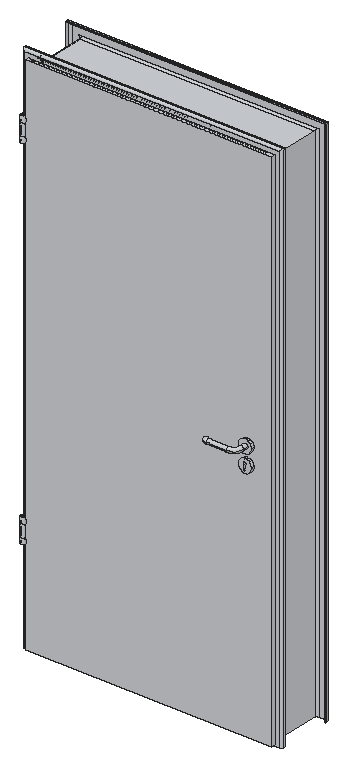
Revit family "BOS-Rundspiegelzarge-1r15ZBud_Familie", category Türen, Revit 2017
Family settings
  Basisbauteil = Wand
  Immer vertikal = Ja
  Beim Laden mit Abzugskörper schneiden = Nein
  Gemeinsam genutzt = Nein
  Raumberechnungspunkt = Ja
Parameters (values of type "1r15ZBud")
  Öffnungswinkel [instance] = if(Öffnungswinkel   Aperture < Öffnungswinkel min., Öffnungswinkel min., if(Öffnungswinkel   Aperture > Öffnungswinkel max., Öffnungswinkel max., Öffnungswinkel   Aperture)) * if(DIN links   DIN Left, 1, -1)  # 0.00°
  Öffnungswinkel min. = 0.00°  # constant formula
  Öffnungswinkel max. = 180.00°  # constant formula
  Öffnungswinkel   Aperture [instance] = 0.00°
  Unterfütterungsstärke [instance] = Einfügepunkt - Blechstärke - Trapezankerstärke  # 5.5 mm
  Unterfütterungsabstand hinten [instance] = if(Gefälzt, 60 mm, 80 mm)  # 60 mm
  Unterfütterung [instance] = Trapezanker  # no
  Türblattaufschlag = 13 mm  # constant formula
  Türblattabstand links-rechts = 3.5 mm  # constant formula
  Trapezankerstärke = 10 mm  # constant formula
  Trapezankerabstand vorne [instance] = 0 mm  # constant formula
  Trapezanker [instance] = or(and(Gefälzt, GT für Ankerberechnung > 319 mm), and(Stumpf, GT für Ankerberechnung > 344 mm))  # no
  Spiegel vorne min. = 35 mm  # constant formula
  Spiegel vorne max. = 80 mm - Falzaufschlag gesamt  # 65 mm
  Spiegel hinten min. [instance] = Spiegel vorne + Falzaufschlag gesamt  # 50 mm
  Spiegel hinten max. [instance] = Spiegel vorne + Falzaufschlag gesamt  # 50 mm
  Sickentiefe = 10 mm  # constant formula
  Radius Putzwinkel vorne [instance] = 10 mm  # constant formula
  Radius Putzwinkel hinten [instance] = 10 mm  # constant formula
  Radius Leibung [instance] = 10 mm  # constant formula
  Radius   Radius [instance] = 10 mm  # constant formula
  Radius [instance] = Radius   Radius  # 10 mm
  Radien gleich [instance] = 1 < 2  # yes
  RRH Rohbau_Richtmaß_Höhe   Structural Wall Opening Height Measurement [instance] = FMH Falzmaß Höhe + Einfügepunkt  # 2125 mm
  RRB Rohbau_Richtmaß_Breite   Structural Wall Opening Width Measurement [instance] = FMB Falzmaß Breite + (2 * Einfügepunkt)  # 1000 mm
  Putzwinkel min. = 10 mm  # constant formula
  Putzwinkel max. = 28 mm  # constant formula
  Nivellierankerabstand vorne [instance] = Türblattstärke 1 + Türblattstärke 2 - 40 mm  # 0 mm
  Nivellieranker [instance] = or(and(Gefälzt, GT für Ankerberechnung < 319.5 mm), and(Stumpf, GT für Ankerberechnung < 344.5 mm))  # yes
  Leibungstiefe min. = 27 mm  # constant formula
  GT min. [instance] = MW min. + Putzwinkel vorne + Putzwinkel hinten  # 134 mm
  GT für Ankerberechnung [instance] = GT Gesamttiefe  # 234 mm
  Drehpunktreferenz horizontal = 500 mm  # constant formula
  Türblattversatz vertikal = if(Gefälzt, -3.5 mm, 15.5 mm)  # -3.5 mm
  Türblattversatz  horizontal = if(Gefälzt, 11.5 mm, 6 mm)  # 11.5 mm
  Türblattabstand 3 = 4.5 mm  # constant formula
  Türblattabstand 2 = 4.5 mm  # constant formula
  Türblattabstand 1 = if(Gefälzt, 1.5 mm, -2 mm)  # 1.5 mm
  Wandstärke   Wall Thickness [instance] = 200 mm
  Stumpf = or([1r15ZBsd], [1r15ZBsFd])  # no
  VX Bänder [instance] = 1 < 2  # yes
  Putzwinkel vorne   Backbend Front [instance] = Radius Putzwinkel vorne + 7 mm  # 17 mm
  Putzwinkel hinten   Backbend Back [instance] = Radius Putzwinkel hinten + 7 mm  # 17 mm
  LDH Lichte Durchgangs Höhe   Clearance Height [instance] = FMH Falzmaß Höhe - Falzaufschlag gesamt  # 2093 mm
  LDB Lichte Durchgangs Breite   Clearance Width [instance] = FMB Falzmaß Breite - (2 * Falzaufschlag gesamt)  # 936 mm
  Gefälzt = or([1r15ZBud], [1r15ZBuFd])  # yes
  URL = "www.BestOfSteel.de/stahlzargen/zargen-fuer-drehfluegeltueren/rundspiegelzargen/"
  Türblattstärke 3 = if(Doppelfalz, Falztiefe 2, 0 mm)  # 0 mm
  Türblattstärke 2 = Türblattstärke - Türblattstärke 1 - Türblattstärke 3  # 25.5 mm
  Türblattstärke 1 = if(Gefälzt, 14.5 mm, 0 mm)  # 14.5 mm
  Türblattstärke = if(Einfachfalz, 40 mm, 65 mm)  # 40 mm
  Typenbild = <Keine Auswahl>
  Spiegel vorne   Architrave Front [instance] = 35 mm
  Spiegel vorne [instance] = if(Spiegel vorne   Architrave Front < Spiegel vorne min., Spiegel vorne min., if(Spiegel vorne   Architrave Front > Spiegel vorne max., Spiegel vorne max., Spiegel vorne   Architrave Front))  # 35 mm
  Spiegel hinten   Architrave Back [instance] = Spiegel vorne + Falzaufschlag gesamt  # 50 mm
  Spiegel hinten [instance] = if(Spiegel hinten   Architrave Back < Spiegel hinten min., Spiegel hinten min., if(Spiegel hinten   Architrave Back > Spiegel hinten max., Spiegel hinten max., Spiegel hinten   Architrave Back))  # 50 mm
  Rough Height = 0 mm  # constant formula
  Rough Width = 0 mm  # constant formula
  Rechtliche Hinweise [instance] = "www.BestOfSteel.de/tools-downloads/bim-building-information-modeling/"
  Putzwinkel vorne [instance] = if(Putzwinkel vorne   Backbend Front < Putzwinkel min., Putzwinkel min., if(Putzwinkel vorne   Backbend Front > Putzwinkel max., Putzwinkel max., Putzwinkel vorne   Backbend Front))  # 17 mm
  Putzwinkel hinten [instance] = if(Putzwinkel hinten   Backbend Back < Putzwinkel min., Putzwinkel min., if(Putzwinkel hinten   Backbend Back > Putzwinkel max., Putzwinkel max., Putzwinkel hinten   Backbend Back))  # 17 mm
  MW min. = 100 mm  # constant formula
  MW max. [instance] = GT max. - Putzwinkel vorne - Putzwinkel hinten  # 616 mm
  Information in English = no
  GT max. = 650 mm  # constant formula
  GT Gesamttiefe [instance] = GT Gesamttiefe_Zarge   Total Profile Depth  # 234 mm
  Funktion = Innen
  Falztiefe gesamt = if(Einfachfalz, Falztiefe, Falztiefe + Falztiefe 2)  # 28.5 mm
  Falztiefe 2 = 25 mm  # constant formula
  Falztiefe = Türblattstärke 2 - Türblattabstand 1 + Türblattabstand 2  # 28.5 mm
  Falzaufschlag gesamt = if(Einfachfalz, Falzaufschlag, 2 * Falzaufschlag)  # 15 mm
  FMH min. = 1608 mm  # constant formula
  FMH max. = 2858 mm  # constant formula
  FMH Falzmaß_Höhe   Rebate Height Measurement [instance] = 2108 mm
  FMH Falzmaß Höhe [instance] = if(FMH Falzmaß_Höhe   Rebate Height Measurement < FMH min., FMH min., if(FMH Falzmaß_Höhe   Rebate Height Measurement > FMH max., FMH max., FMH Falzmaß_Höhe   Rebate Height Measurement))  # 2108 mm
  FMB min. = 591 mm  # constant formula
  FMB max. = 1342 mm  # constant formula
  FMB Falzmaß_Breite   Rebate Width Measurement [instance] = 966 mm
  FMB Falzmaß Breite [instance] = if(FMB Falzmaß_Breite   Rebate Width Measurement < FMB min., FMB min., if(FMB Falzmaß_Breite   Rebate Width Measurement > FMB max., FMB max., FMB Falzmaß_Breite   Rebate Width Measurement))  # 966 mm
  Drückerhöhe [instance] = if(Drückerhöhe   Handle Height < 850 mm, 850 mm, if(Drückerhöhe   Handle Height > 1050 mm, 1050 mm, Drückerhöhe   Handle Height))  # 1050 mm
  Drehpunkt Warnung sichtbar = yes
  Drehpunkt Warnung [instance] = and(Drehpunkt Warnung sichtbar, not(Öffnungswinkel = 0.00°))  # no
  Doppelfalz = or([1r15ZBuFd], [1r15ZBsFd])  # no
  Einfachfalz = or([1r15ZBud], [1r15ZBsd])  # yes
  Dichtungsversatz vertikal 2 [instance] = Falztiefe + Sickentiefe - Putzwinkel vorne + Falztiefe 2  # 46.5 mm
  Dichtungsversatz vertikal 1 [instance] = Falztiefe + Sickentiefe - Putzwinkel vorne  # 21.5 mm
  Dichtungsversatz horizontal 2 [instance] = Falzaufschlag  # 15 mm
  Dichtungsversatz horizontal 1 [instance] = 0 mm  # constant formula
  Dichtung 2 = Doppelfalz  # no
  Dichtung 1 = or(Einfachfalz, Doppelfalz)  # yes
  Drehpunktposition vertikal [instance] = (Wandstärke   Wall Thickness / 2) + Putzwinkel vorne + [Drehpunktabstand (SP) vertikal]  # 129.5 mm
  Drehpunktposition horizontal [instance] = Drehpunktreferenz horizontal + Einfügepunkt + if(DIN links   DIN Left, FMB Falzmaß Breite + [Drehpunktabstand (FM) horizontal], -[Drehpunktabstand (FM) horizontal])  # 1504 mm
  Drehpunktabstand (FM) horizontal = if(Gefälzt, 21 mm, 2.5 mm)  # 21 mm
  Drehpunktabstand (SP) vertikal = if(Gefälzt, 12.5 mm, 13.5 mm)  # 12.5 mm
  Bänder - Auswahl [instance] = if(Gefälzt, "3D Bänder gefälzt, Bandaufnahmen BVX11000", "3D Bänder stumpf, Bandaufnahmen BVX11000")  # "3D Bänder gefälzt, Bandaufnahmen BVX11000"
  Blechstärke = 1.5 mm  # constant formula
  BE max. = 100 mm  # constant formula
  BE Bodeneinstand [instance] = if(BE Bodeneinstand   Foundation Bedding < 0 mm, 0 mm, if(BE Bodeneinstand   Foundation Bedding > BE max., BE max., BE Bodeneinstand   Foundation Bedding))  # 0 mm
  1r15ZBsFd = no
  1r15ZBuFd = no
  Modell = "1r15ZBud"
  Material - Zarge = none
  Material - Türblatt = none
  Material - Drückergarnitur = none
  Material - Dichtung = none
  Material - Bänder = none
  Material = "grundiert, feuerverzinktes Feinblech nach DIN EN 10143"
  MW Maulweite   Receiving Opening [instance] = if(Wandstärke   Wall Thickness < MW min., MW min., if(Wandstärke   Wall Thickness > MW max., MW max., Wandstärke   Wall Thickness))  # 200 mm
  Height [instance] = RRH Rohbau_Richtmaß_Höhe   Structural Wall Opening Height Measurement  # 2125 mm
  Hersteller = "BOS GmbH Best Of Steel, Lütkenfelde 4, D-48282 Emsdetten"
  GT Gesamttiefe_Zarge   Total Profile Depth [instance] = MW Maulweite   Receiving Opening + Putzwinkel vorne + Putzwinkel hinten  # 234 mm
  MW Fehler [instance] = or(Wandstärke   Wall Thickness < MW min., Wandstärke   Wall Thickness > MW max.)  # no
  Einfügepunkt [instance] = 17 mm  # constant formula
  Drückerhöhe   Handle Height [instance] = 1050 mm
  Drückergarnitur [instance] = 1 < 2  # yes
  Dicke = 0 mm  # constant formula
  DIN rechts   DIN Right [instance] = not(DIN links   DIN Left)  # no
  DIN links oder rechts [instance] = if(DIN links   DIN Left, "DIN links", "DIN rechts")  # "DIN links"
  DIN links   DIN Left [instance] = yes
  1r15ZBud = yes
  1r15ZBsd = no
  Width = 0 mm  # constant formula
  Beschreibung = "2-schalige Rundspiegelzarge als Blockprofil, gefälzt"
  Bauelement = "BOS Stahlzarge"
  BOS-Architekten-Beratung = "Tel.: +49 (0) 2572 203-203; E-Mail: architekten@BestOfSteel.de"
  BE Bodeneinstand   Foundation Bedding [instance] = 0 mm
  BBL1 Bandbezugslinie   Hinge Position 1 = 241 mm  # constant formula
  BA Bandabstand   Distance Between Hinges [instance] = if(FMH Falzmaß Höhe < 1546 mm, 935 mm, if(FMH Falzmaß Höhe < 1671 mm, 1060 mm, if(FMH Falzmaß Höhe < 1796 mm, 1185 mm, if(FMH Falzmaß Höhe < 1921 mm, 1310 mm, if(FMH Falzmaß Höhe < 2171 mm, 1435 mm, if(FMH Falzmaß Höhe < 2296 mm, 1685 mm, if(FMH Falzmaß Höhe < 2421 mm, 1810 mm, if(FMH Falzmaß Höhe < 2546 mm, 1935 mm, if(FMH Falzmaß Höhe < 2671 mm, 2060 mm, if(FMH Falzmaß Höhe < 2796 mm, 2185 mm, 2310 mm))))))))))  # 1435 mm
  Falzaufschlag = 15 mm  # constant formula
  Technische Infos rund um die Stahlzarge = "www.BestOfSteel.de/tools-downloads/technische-infos-rund-um-die-stahlzarge/"
  Info-Texte sichtbar = yes
Reference planes
  plane 1 "Wand": y = 0
  plane 2 "Mitte (Links/rechts)": x = 125
  plane 3 "Hinten": y = 100
  plane 4 "Vorne": y = -100
  plane 5 "RRB links": x = -375
  plane 6 "RRB rechts": x = 625
  plane 7 "RRH oben": z = 2125
  plane 8 "BBL1": z = 1867
  plane 9 "Drückerhöhe": z = 1050
  plane 10 "BBL2": z = 432
  plane 11 "BE": z = 0
  plane 12 "FMH oben": z = 2108
  plane 13 "BE max.": z = -100
  plane 14 "FMB links": x = -358
  plane 15 "FMB rechts": x = 608
  plane 16 "Drehpunkt vertikal": y = -129.5
  plane 17 "Drehpunkt horizontal": x = -379
  plane 18 "Drehpunktreferenz horizontal": x = 1125
Forms (mm)
  Sweep 1, solid, material <- "Material - Zarge", visible <- "Einfachfalz", detail levels medium+fine
    path origin (0, -100, 0) x (-1, 0, 0) y (0, 0, 1)
      loop
        line (375, 0) -> (375, 2125) -> (-625, 2125) -> (-625, 0)
    profile "BOS-1r15ZBud-1r15ZBsd_Profil : BOS-1r15ZBud-1r15ZBsd_Profil" origin (-375, -100, 1062.5) x (1, 0, 0) y (0, 1, 0)
      loop
        line (17.5, 23) -> (16, 23)
        arc (16, 23) -> (15.646, 22.854) -> (15.5, 22.5) r 0.5
        line (15.5, 22.5) -> (15.5, 21)
        arc (15.5, 21) -> (16.086, 22.414) -> (17.5, 23) r 2
      loop
        arc (-18, -7) -> (-15.071, -14.071) -> (-8, -17) r 10
        line (-8, -17) -> (14.5, -17)
        arc (14.5, -17) -> (16.268, -16.268) -> (17, -14.5) r 2.5
        line (17, -14.5) -> (17, 21)
        arc (17, 21) -> (17.146, 21.354) -> (17.5, 21.5) r 0.5
        line (17.5, 21.5) -> (25, 21.5) -> (25, 23) -> (26.015, 23)
        arc (26.015, 23) -> (27.15, 22.481) -> (27.499, 21.283) r 1.5
        line (27.499, 21.283) -> (26.529, 14.648)
        arc (26.529, 14.648) -> (29.051, 11.507) -> (32, 14.25) r 2.75
        line (32, 14.25) -> (32, 207)
        arc (32, 207) -> (29.071, 214.071) -> (22, 217) r 10
        line (22, 217) -> (-8, 217)
        arc (-8, 217) -> (-15.071, 214.071) -> (-18, 207) r 10
        line (-18, 207) -> (-18, 200) -> (-16.5, 200) -> (-16.5, 207)
        arc (-16.5, 207) -> (-14.01, 213.01) -> (-8, 215.5) r 8.5
        line (-8, 215.5) -> (22, 215.5)
        arc (22, 215.5) -> (28.01, 213.01) -> (30.5, 207) r 8.5
        line (30.5, 207) -> (30.5, 14.25)
        arc (30.5, 14.25) -> (29.159, 13.003) -> (28.013, 14.431) r 1.25
        line (28.013, 14.431) -> (28.983, 21.066)
        arc (28.983, 21.066) -> (28.284, 23.462) -> (26.015, 24.5) r 3
        line (26.015, 24.5) -> (16, 24.5)
        arc (16, 24.5) -> (14.586, 23.914) -> (14, 22.5) r 2
        line (14, 22.5) -> (14, 14.5) -> (15.5, 14.5) -> (15.5, -14.5)
        arc (15.5, -14.5) -> (15.207, -15.207) -> (14.5, -15.5) r 1
        line (14.5, -15.5) -> (-8, -15.5)
        arc (-8, -15.5) -> (-14.01, -13.01) -> (-16.5, -7) r 8.5
        line (-16.5, -7) -> (-16.5, 0) -> (-18, 0) -> (-18, -7)
  Sweep 2, solid, material <- "Material - Dichtung", visible <- "Dichtung 1", detail levels medium+fine
    path origin (0, -100, 0) x (-1, 0, 0) y (0, 0, 1)
      loop
        line (358, 0) -> (358, 2108) -> (-608, 2108) -> (-608, 0)
    profile "BOS-Dichtung_Profil : BOS-Dichtung_Profil" origin (-358, -100, 1054) x (1, 0, 0) y (0, 1, 0)
      loop
        arc (2.601, 20.263) -> (2.248, 20.116) -> (2.102, 19.763) r 0.5
        line (2.102, 19.763) -> (2.102, 15.634)
        arc (2.102, 15.634) -> (2.243, 15.254) -> (2.599, 15.057) r 0.584
        line (2.599, 15.057) -> (7.702, 14.28)
        arc (7.702, 14.28) -> (8.08, 14.392) -> (8.234, 14.754) r 0.462
        line (8.234, 14.754) -> (8.069, 18.992)
        arc (8.069, 18.992) -> (7.918, 19.403) -> (7.556, 19.65) r 0.716
        arc (7.556, 19.65) -> (5.104, 20.16) -> (2.601, 20.263) r 15.257
      loop
        arc (2.671, 13.957) -> (2.274, 13.838) -> (2.102, 13.46) r 0.501
        line (2.102, 13.46) -> (2.102, 10.565)
        arc (2.102, 10.565) -> (2.227, 10.151) -> (2.561, 9.874) r 0.75
        line (2.561, 9.874) -> (9.159, 8)
        arc (9.159, 8) -> (9.738, 7.926) -> (10.314, 8.026) r 1.962
        arc (10.314, 8.026) -> (11.596, 8.754) -> (12.503, 9.916) r 3.79
        arc (12.503, 9.916) -> (12.466, 10.289) -> (12.114, 10.416) r 0.351
        arc (12.114, 10.416) -> (9.731, 10.818) -> (8.301, 12.767) r 3.215
        arc (8.301, 12.767) -> (8.101, 13.097) -> (7.751, 13.259) r 0.66
        line (7.751, 13.259) -> (2.671, 13.957)
      loop
        arc (9.885, 19.692) -> (6.361, 21.049) -> (2.611, 21.5) r 15.273
        arc (2.611, 21.5) -> (1.229, 21.241) -> (0, 20.558) r 4.388
        arc (0, 20.558) -> (-0.126, 20.198) -> (0.203, 20.005) r 0.3
        line (0.203, 20.005) -> (1.052, 20.179) -> (1.052, 15.212) -> (0.253, 14.589)
        arc (0.253, 14.589) -> (0.158, 14.198) -> (0.517, 14.017) r 0.324
        arc (0.517, 14.017) -> (0.888, 13.925) -> (1.052, 13.58) r 0.446
        line (1.052, 13.58) -> (1.052, 10.338) -> (0.255, 9.575)
        arc (0.255, 9.575) -> (0.205, 9.209) -> (0.55, 9.077) r 0.297
        arc (0.55, 9.077) -> (1.217, 9.194) -> (1.892, 9.137) r 2.63
        line (1.892, 9.137) -> (9.198, 7.049)
        arc (9.198, 7.049) -> (9.621, 7.008) -> (10.045, 7.024) r 3.219
        arc (10.045, 7.024) -> (12.714, 8.531) -> (14.033, 11.298) r 5.088
        arc (14.033, 11.298) -> (13.874, 11.708) -> (13.442, 11.788) r 0.451
        line (13.442, 11.788) -> (12.151, 11.352)
        arc (12.151, 11.352) -> (10.406, 11.72) -> (9.336, 13.147) r 2.533
        line (9.336, 13.147) -> (9.088, 18.569)
        arc (9.088, 18.569) -> (9.253, 18.964) -> (9.663, 19.087) r 0.501
        arc (9.663, 19.087) -> (10.021, 19.299) -> (9.885, 19.692) r 0.329
  Sweep 3, solid, material <- "Material - Zarge", visible <- "Doppelfalz", detail levels medium+fine
    path origin (0, -100, 0) x (-1, 0, 0) y (0, 0, 1)
      loop
        line (375, 0) -> (375, 2125) -> (-625, 2125) -> (-625, 0)
    profile "BOS-1r15ZBuFd-1r15ZBsFd_Profil : BOS-1r15ZBuFd-1r15ZBsFd_Profil" origin (-375, -100, 1062.5) x (1, 0, 0) y (0, 1, 0)
      loop
        arc (16, 23) -> (15.646, 22.854) -> (15.5, 22.5) r 0.5
        line (15.5, 22.5) -> (15.5, 21)
        arc (15.5, 21) -> (16.086, 22.414) -> (17.5, 23) r 2
        line (17.5, 23) -> (16, 23)
      loop
        arc (-18, -7) -> (-15.071, -14.071) -> (-8, -17) r 10
        line (-8, -17) -> (14.5, -17)
        arc (14.5, -17) -> (16.268, -16.268) -> (17, -14.5) r 2.5
        line (17, -14.5) -> (17, 21)
        arc (17, 21) -> (17.146, 21.354) -> (17.5, 21.5) r 0.5
        line (17.5, 21.5) -> (25, 21.5) -> (25, 23) -> (26.015, 23)
        arc (26.015, 23) -> (27.15, 22.481) -> (27.499, 21.283) r 1.5
        line (27.499, 21.283) -> (26.529, 14.648)
        arc (26.529, 14.648) -> (29.051, 11.507) -> (32, 14.25) r 2.75
        line (32, 14.25) -> (32, 45.5)
        arc (32, 45.5) -> (32.293, 46.207) -> (33, 46.5) r 1
        line (33, 46.5) -> (41, 46.5)
        arc (41, 46.5) -> (42.154, 45.958) -> (42.475, 44.725) r 1.5
        line (42.475, 44.725) -> (41.547, 39.755)
        arc (41.547, 39.755) -> (43.996, 36.512) -> (47, 39.25) r 2.75
        line (47, 39.25) -> (47, 207)
        arc (47, 207) -> (44.071, 214.071) -> (37, 217) r 10
        line (37, 217) -> (7, 217)
        arc (7, 217) -> (-0.071, 214.071) -> (-3, 207) r 10
        line (-3, 207) -> (-3, 200) -> (-1.5, 200) -> (-1.5, 207)
        arc (-1.5, 207) -> (0.99, 213.01) -> (7, 215.5) r 8.5
        line (7, 215.5) -> (37, 215.5)
        arc (37, 215.5) -> (43.01, 213.01) -> (45.5, 207) r 8.5
        line (45.5, 207) -> (45.5, 39.25)
        arc (45.5, 39.25) -> (44.135, 38.005) -> (43.021, 39.479) r 1.25
        line (43.021, 39.479) -> (43.949, 44.449)
        arc (43.949, 44.449) -> (43.308, 46.917) -> (41, 48) r 3
        line (41, 48) -> (33, 48)
        arc (33, 48) -> (31.232, 47.268) -> (30.5, 45.5) r 2.5
        line (30.5, 45.5) -> (30.5, 14.25)
        arc (30.5, 14.25) -> (29.159, 13.003) -> (28.013, 14.431) r 1.25
        line (28.013, 14.431) -> (28.983, 21.066)
        arc (28.983, 21.066) -> (28.284, 23.462) -> (26.015, 24.5) r 3
        line (26.015, 24.5) -> (16, 24.5)
        arc (16, 24.5) -> (14.586, 23.914) -> (14, 22.5) r 2
        line (14, 22.5) -> (14, 14.5) -> (15.5, 14.5) -> (15.5, -14.5)
        arc (15.5, -14.5) -> (15.207, -15.207) -> (14.5, -15.5) r 1
        line (14.5, -15.5) -> (-8, -15.5)
        arc (-8, -15.5) -> (-14.01, -13.01) -> (-16.5, -7) r 8.5
        line (-16.5, -7) -> (-16.5, 0) -> (-18, 0) -> (-18, -7)
  Sweep 4, solid, material <- "Material - Dichtung", visible <- "Dichtung 2", detail levels medium+fine
    path origin (0, -100, 0) x (-1, 0, 0) y (0, 0, 1)
      loop
        line (358, 0) -> (358, 2108) -> (-608, 2108) -> (-608, 0)
    profile "BOS-Dichtung_Profil : BOS-Dichtung_Profil" origin (-358, -100, 1054) x (1, 0, 0) y (0, 1, 0)
      loop
        arc (17.601, 45.263) -> (17.248, 45.116) -> (17.102, 44.763) r 0.5
        line (17.102, 44.763) -> (17.102, 40.634)
        arc (17.102, 40.634) -> (17.243, 40.254) -> (17.599, 40.057) r 0.584
        line (17.599, 40.057) -> (22.702, 39.28)
        arc (22.702, 39.28) -> (23.08, 39.392) -> (23.234, 39.754) r 0.462
        line (23.234, 39.754) -> (23.069, 43.992)
        arc (23.069, 43.992) -> (22.918, 44.403) -> (22.556, 44.65) r 0.716
        arc (22.556, 44.65) -> (20.104, 45.16) -> (17.601, 45.263) r 15.257
      loop
        arc (17.671, 38.957) -> (17.274, 38.838) -> (17.102, 38.46) r 0.501
        line (17.102, 38.46) -> (17.102, 35.565)
        arc (17.102, 35.565) -> (17.227, 35.151) -> (17.561, 34.874) r 0.75
        line (17.561, 34.874) -> (24.159, 33)
        arc (24.159, 33) -> (24.738, 32.926) -> (25.314, 33.026) r 1.962
        arc (25.314, 33.026) -> (26.596, 33.754) -> (27.503, 34.916) r 3.79
        arc (27.503, 34.916) -> (27.466, 35.289) -> (27.114, 35.416) r 0.351
        arc (27.114, 35.416) -> (24.731, 35.818) -> (23.301, 37.767) r 3.215
        arc (23.301, 37.767) -> (23.101, 38.097) -> (22.751, 38.259) r 0.66
        line (22.751, 38.259) -> (17.671, 38.957)
      loop
        arc (24.885, 44.692) -> (21.361, 46.049) -> (17.611, 46.5) r 15.273
        arc (17.611, 46.5) -> (16.229, 46.241) -> (15, 45.558) r 4.388
        arc (15, 45.558) -> (14.874, 45.198) -> (15.203, 45.005) r 0.3
        line (15.203, 45.005) -> (16.052, 45.179) -> (16.052, 40.212) -> (15.253, 39.589)
        arc (15.253, 39.589) -> (15.158, 39.198) -> (15.517, 39.017) r 0.324
        arc (15.517, 39.017) -> (15.888, 38.925) -> (16.052, 38.58) r 0.446
        line (16.052, 38.58) -> (16.052, 35.338) -> (15.255, 34.575)
        arc (15.255, 34.575) -> (15.205, 34.209) -> (15.55, 34.077) r 0.297
        arc (15.55, 34.077) -> (16.217, 34.194) -> (16.892, 34.137) r 2.63
        line (16.892, 34.137) -> (24.198, 32.049)
        arc (24.198, 32.049) -> (24.621, 32.008) -> (25.045, 32.024) r 3.219
        arc (25.045, 32.024) -> (27.714, 33.531) -> (29.033, 36.298) r 5.088
        arc (29.033, 36.298) -> (28.874, 36.708) -> (28.442, 36.788) r 0.451
        line (28.442, 36.788) -> (27.151, 36.352)
        arc (27.151, 36.352) -> (25.406, 36.72) -> (24.336, 38.147) r 2.533
        line (24.336, 38.147) -> (24.088, 43.569)
        arc (24.088, 43.569) -> (24.253, 43.964) -> (24.663, 44.087) r 0.501
        arc (24.663, 44.087) -> (25.021, 44.299) -> (24.885, 44.692) r 0.329
Lines and regions (mm)
  Opening 1
    outline origin (-5000, -100, 0) x (1, 0, 0) y (0, 0, 1)
      loop
        line (4625, 2125) -> (4625, 0) -> (5625, 0) -> (5625, 2125) -> (4625, 2125)
  reference lines
    curve 1: line (65, 650, 0) -> (185, 650, 0)
    curve 2: line (-379, -129.5, 0) -> (321, -129.5, 0)
    curve 3: line (65, -350, 0) -> (185, -350, 0)
    curve 4: line (65, -650, 0) -> (185, -650, 0)
  symbolic lines, style "DoorsHiddenLines", visible <- "DIN links   DIN Left", detail levels coarse
    curve 5: arc (625, -100, 0) -> (332.107, -807.107, 0) -> (-375, -1100, 0) r 1000
  symbolic lines, style "Doors", visible <- "DIN links   DIN Left", detail levels coarse
    curve 6: line (-375, -100, 0) -> (-375, -1100, 0)
  symbolic lines, style "DoorsHiddenLines", visible <- "DIN rechts   DIN Right", detail levels coarse
    curve 7: arc (-375, -100, 0) -> (-82.107, -807.107, 0) -> (625, -1100, 0) r 1000
  symbolic lines, style "Doors", visible <- "DIN rechts   DIN Right", detail levels coarse
    curve 8: line (625, -100, 0) -> (625, -1100, 0)
Text (mm)
  text "Außen     " at (-1696.17, 830.944, 0), in view "Ref.-Ebene"
  text "Außen" at (0, 1409.804, 2854.306), in view "Links"
  text "Placement side" at (0, 499.811, 2980.732), in view "Rechts"
Dimensions and locks
  locked: plane 3 "Hinten" to host wall
  locked: host wall to plane 4 "Vorne" at 0
  equal spacing: plane 5 "RRB links", plane 2 "Mitte (Links/rechts)", plane 6 "RRB rechts"
  "RRB Rohbau_Richtmaß_Breite   Structural Wall Opening Width Measurement": plane 5 "RRB links" to plane 6 "RRB rechts"
  "Drückerhöhe": level to plane 9 "Drückerhöhe"
  "BE Bodeneinstand": plane 11 "BE" to level
  "Wandstärke   Wall Thickness": host wall to host wall
  "BBL1 Bandbezugslinie   Hinge Position 1": plane 12 "FMH oben" to plane 8 "BBL1"
  "BA Bandabstand   Distance Between Hinges": plane 8 "BBL1" to plane 10 "BBL2"
  "FMH Falzmaß Höhe": plane 12 "FMH oben" to level
  "RRH Rohbau_Richtmaß_Höhe   Structural Wall Opening Height Measurement": plane 7 "RRH oben" to level
  curve 4 to curve 3 to plane 4 "Vorne" to plane 3 "Hinten" to curve 1 = 300 mm, 250 mm, 200 mm, 550 mm
  "BE max.": level to plane 13 "BE max."
  equal spacing: plane 14 "FMB links", plane 2 "Mitte (Links/rechts)", plane 15 "FMB rechts"
  "FMB Falzmaß Breite": plane 14 "FMB links" to plane 15 "FMB rechts"
  "Drehpunktposition vertikal": host wall to plane 16 "Drehpunkt vertikal"
  "Drehpunktreferenz horizontal": plane 6 "RRB rechts" to plane 18 "Drehpunktreferenz horizontal"
  "Drehpunktposition horizontal": plane 17 "Drehpunkt horizontal" to plane 18 "Drehpunktreferenz horizontal"
  "Öffnungswinkel": angle curve 2 to plane 16 "Drehpunkt vertikal"
  aligned and locked: plane 1 "Wand" to host wall
  aligned and locked: plane 6 "RRB rechts" to nested 1
  aligned and locked: nested 1 to plane 4 "Vorne"
  aligned and locked: plane 9 "Drückerhöhe" to nested 1
  aligned and locked: Sweep 2 sketch curve to plane 14 "FMB links"
  aligned and locked: Sweep 2 sketch curve to plane 12 "FMH oben"
  aligned and locked: Sweep 2 sketch curve to plane 15 "FMB rechts"
  aligned and locked: Sweep 4 sketch curve to plane 15 "FMB rechts"
  aligned and locked: Sweep 4 sketch curve to plane 12 "FMH oben"
  aligned and locked: Sweep 4 sketch curve to plane 14 "FMB links"
  aligned and locked: plane 16 "Drehpunkt vertikal" to curve 2
  aligned and locked: plane 17 "Drehpunkt horizontal" to curve 2
  aligned and locked: curve 2 to nested 2
  aligned and locked: nested 4 to plane 10 "BBL2"
  aligned and locked: plane 8 "BBL1" to nested 3
  aligned and locked: plane 17 "Drehpunkt horizontal" to nested 3
  aligned and locked: plane 17 "Drehpunkt horizontal" to nested 4
  aligned and locked: plane 16 "Drehpunkt vertikal" to nested 3
  aligned and locked: plane 16 "Drehpunkt vertikal" to nested 4
  aligned and locked: curve 1 to nested 8
  aligned and locked: plane 2 "Mitte (Links/rechts)" to nested 8
  aligned and locked: plane 18 "Drehpunktreferenz horizontal" to nested 6
  aligned and locked: plane 1 "Wand" to nested 6
  aligned and locked: nested 7 to plane 2 "Mitte (Links/rechts)"
  aligned and locked: curve 3 to nested 5
  aligned and locked: nested 5 to plane 2 "Mitte (Links/rechts)"
  aligned and locked: curve 4 to nested 7
  aligned and locked: Opening 1 sketch curve to plane 7 "RRH oben"
  aligned and locked: plane 5 "RRB links" to Opening 1 sketch curve
  aligned and locked: Opening 1 sketch curve to plane 6 "RRB rechts"
  aligned and locked: level to Opening 1 sketch curve
  aligned and locked: plane 5 "RRB links" to nested 10
  aligned and locked: plane 6 "RRB rechts" to nested 13
  aligned and locked: plane 4 "Vorne" to nested 13
  aligned and locked: nested 10 to plane 4 "Vorne"
  aligned and locked: plane 5 "RRB links" to nested 11
  aligned and locked: plane 6 "RRB rechts" to nested 14
  aligned and locked: nested 14 to plane 4 "Vorne"
  aligned and locked: plane 4 "Vorne" to nested 11
  aligned and locked: plane 5 "RRB links" to nested 12
  aligned and locked: plane 4 "Vorne" to nested 12
  aligned and locked: plane 6 "RRB rechts" to nested 15
  aligned and locked: nested 15 to plane 4 "Vorne"
  aligned and locked: nested 9 to nested 11
  aligned and locked: nested 11 to nested 16
  aligned and locked: nested 9 to Sweep 1
  aligned and locked: nested 16 to Sweep 3
Automatic sketch dimensions
  Sweep 1 sketch curve to plane 6 "RRB rechts" = 0 mm
  Sweep 1 sketch curve to plane 5 "RRB links" = 0 mm
  Sweep 1 sketch curve to plane 11 "BE" = 0 mm  (x2)
  Sweep 1 sketch curve to plane 7 "RRH oben" = 0 mm
  Sweep 2 sketch curve to level = 0 mm  (x2)
  Sweep 3 sketch curve to plane 6 "RRB rechts" = 0 mm
  Sweep 3 sketch curve to plane 5 "RRB links" = 0 mm
  Sweep 3 sketch curve to plane 11 "BE" = 0 mm  (x2)
  Sweep 3 sketch curve to plane 7 "RRH oben" = 0 mm
  Sweep 4 sketch curve to level = 0 mm  (x2)
  curve 4 to plane 2 "Mitte (Links/rechts)" = 60 mm
  curve 3 to plane 2 "Mitte (Links/rechts)" = 60 mm
  curve 1 to plane 2 "Mitte (Links/rechts)" = 60 mm
  plane 2 "Mitte (Links/rechts)" to curve 3 = 60 mm
  plane 2 "Mitte (Links/rechts)" to curve 4 = 60 mm
  plane 2 "Mitte (Links/rechts)" to curve 1 = 60 mm
  host wall to curve 5 = 0 mm
  curve 5 to plane 5 "RRB links" = 0 mm
  host wall to curve 7 = 0 mm
  curve 7 to plane 5 "RRB links" = 0 mm
  host wall to curve 8 = 0 mm
  curve 8 to plane 6 "RRB rechts" = 0 mm
  curve 5 to plane 6 "RRB rechts" = 0 mm
  host wall to curve 6 = 0 mm
Nested families
  nested 1: "BOS-BOS_Modell" at (625, -100, 1050), type "BOS-BOS_Modell", not visible
    with Abstand 17 mm
  nested 2: "BOS-Türblatt_Modell" at (125, -126, 0), type "BOS-Türblatt_Modell"
    with Glastürdrücker DIN rechts no, Glastürdrücker DIN links no, Drückergarnitur DIN rechts no, Drückergarnitur DIN links yes
  nested 3: "BOS-Band-VX_Modell" at (-379, -129.5, 1867), visible <- "VX Bänder", type "BOS-Band-VX_Modell", detail levels fine
  nested 4: "BOS-Band-VX_Modell" at (-379, -129.5, 432), visible <- "VX Bänder", type "BOS-Band-VX_Modell", detail levels fine
  nested 5: "BOS-Info-Texte_Beschriftung" at (125, -350.955, 0), visible <- "Drehpunkt Warnung", type "Drehpunkt Warnung"
  nested 6: "BOS-Info-Texte_Beschriftung" at (1125, -0.955, 0), visible <- "MW Fehler", type "Maulweite Fehlermeldung"
  nested 7: "BOS-Info-Texte_Beschriftung" at (125, -650.955, 0), visible <- "Info-Texte sichtbar", type "Rechtliche Hinweise"
  nested 8: "BOS-Info-Texte_Beschriftung" at (125, 649.045, 0), visible <- "Info-Texte sichtbar", type "Technische Hinweise"
  nested 9: "BOS-Logo_Modell" at (-384.5, 100, 0), visible <- "Einfachfalz", type "BOS-Logo_Modell", detail levels fine
    with Abstand horizontal 4 mm
  nested 10: "BOS-Druckfeste-Unterfütterung-bauseits_Detail" at (-375, -100, 0), visible <- "Unterfütterung", type "BOS-Druckfeste-Unterfütterung-bauseits_Detail", detail levels fine
    with Unterfütterungsstärke 5.5 mm, Unterfütterungabstand hinten 60 mm, Putzwinkel vorne 17 mm, Putzwinkel hinten 17 mm
  nested 11: "BOS-Nivellieranker_Detail" at (-375, -116.747, 0), visible <- "Nivellieranker", type "BOS-Nivellieranker_Detail", detail levels fine
    with Putzwinkel vorne 17 mm, GT Gesamttiefe 234 mm, GT 234 mm, Einfügepunkt 17 mm
  nested 12: "BOS-Trapezanker_Detail" at (-332.5, -123.5, 0), visible <- "Trapezanker", type "BOS-Trapezanker_Detail", detail levels fine
    with Putzwinkel hinten 17 mm, GT Gesamttiefe 234 mm, Einfügepunkt 17 mm, Putzwinkel vorne 17 mm, Ankerlänge 216 mm
  nested 13: "BOS-Druckfeste-Unterfütterung-bauseits_Detail" at (625, -100, 0) x (-1, 0, 0) z (0, 0, 1), visible <- "Unterfütterung", type "BOS-Druckfeste-Unterfütterung-bauseits_Detail", detail levels fine
    with Unterfütterungsstärke 5.5 mm, Unterfütterungabstand hinten 60 mm, Putzwinkel vorne 17 mm, Putzwinkel hinten 17 mm
  nested 14: "BOS-Nivellieranker_Detail" at (625, -116.747, 0) x (-1, 0, 0) z (0, 0, 1), visible <- "Nivellieranker", type "BOS-Nivellieranker_Detail", detail levels fine
    with Putzwinkel vorne 17 mm, GT Gesamttiefe 234 mm, GT 234 mm, Einfügepunkt 17 mm
  nested 15: "BOS-Trapezanker_Detail" at (582.5, -123.5, 0) x (-1, 0, 0) z (0, 0, 1), visible <- "Trapezanker", type "BOS-Trapezanker_Detail", detail levels fine
    with Putzwinkel hinten 17 mm, GT Gesamttiefe 234 mm, Einfügepunkt 17 mm, Putzwinkel vorne 17 mm, Ankerlänge 216 mm
  nested 16: "BOS-Logo_Modell" at (-369.5, 100, 0), visible <- "Doppelfalz", type "BOS-Logo_Modell", detail levels fine
    with Abstand horizontal 4 mm
Definition of nested family "BOS-Türblatt_Modell"
  Parameters (values of type "BOS-Türblatt_Modell")
    Default Elevation = 1219.2 mm
    URL = "www.BestOfSteel.de"
    Türblattversatz vertikal = -3.5 mm
    Türblattversatz horizontal = 11.5 mm
    Technische Infos rund um die Stahlzarge = "www.BestOfSteel.de/tools-downloads/technische-infos-rund-um-die-stahlzarge/"
    Türblattaufschlag = 13 mm
    Türblattstärke 3 = 0 mm
    Türblattstärke 2 = 25.5 mm
    Türblattstärke 1 = 14.5 mm
    Türblattstärke = 40 mm
    Türblattabstand oben = 4 mm
    Türblattabstand unten = 7 mm
    Türblattabstand links-rechts = 3.5 mm
    TAH3 Türblatt Außenmaß Höhe 3 = FMH Zargen Falzmaß Höhe - Falzaufschlag - Türblattabstand oben - Türblattabstand unten  # 2082 mm
    TAH2 Türblatt Außenmaß Höhe 2 = FMH Zargen Falzmaß Höhe - Türblattabstand oben - Türblattabstand unten  # 2097 mm
    TAH Türblatt Außenmaß Höhe = FMH Zargen Falzmaß Höhe + if(Gefälzt, Türblattaufschlag, 0 mm) - Türblattabstand oben - Türblattabstand unten  # 2110 mm
    Stumpf = no
    Rechtliche Hinweise = "www.BestOfSteel.de/tools-downloads/bim-building-information-modeling/"
    Material - Türblatt = none
    Material - Drückergarnitur = none
    Glastürtdrücker = no
    Glastürdrücker DIN rechts [instance] = and(Glastürtdrücker, DIN rechts)  # no
    Glastürdrücker DIN links [instance] = and(Glastürtdrücker, DIN links)  # no
    Gefälzt = yes
    FMH Zargen Falzmaß Höhe = 2108 mm
    FMB Zargen Falzmaß Breite = 966 mm
    Einfachfalz = yes
    Drückerhöhe = 1050 mm
    Drückergarnitur = yes
    Drückerabstand = 100 mm
    Drehpunktabstand vertikal = (2 * Türblattstärke) + Türblattversatz vertikal  # 76.5 mm
    Drehpunktabstand horizontal = (TAB Türblatt Außenmass Breite / 2) + if(DIN links, -Türblattversatz horizontal, TAB Türblatt Außenmass Breite + Türblattversatz horizontal)  # 481 mm
    Doppelfalz = no
    Drückergarnitur DIN rechts [instance] = and(Drückergarnitur, DIN rechts)  # no
    Drückergarnitur DIN links [instance] = and(Drückergarnitur, DIN links)  # yes
    DIN rechts = no
    DIN links = yes
    Description = "Holz- oder Glastürblatt, mit Drücker, gefälzt oder stumpf"
    Keynote = "BOS Türblatt"
    TAB3 Türblatt Außenmass Breite Türblatt 3 = FMB Zargen Falzmaß Breite - 2 * (Falzaufschlag + [Türblattabstand links-rechts])  # 929 mm
    TAB Türblatt Außenmass Breite = FMB Zargen Falzmaß Breite + 2 * (if(Gefälzt, Türblattaufschlag, 0 mm) - [Türblattabstand links-rechts])  # 985 mm
    TAB2 Türblatt Außenmass Breite Türblatt 2 = FMB Zargen Falzmaß Breite - 2 * ([Türblattabstand links-rechts])  # 959 mm
    Falzaufschlag = 15 mm
    BOS-Architekten-Beratung = "Tel.: +49 (0) 2572 203-203; E-Mail: architekten@BestOfSteel.de"
  Reference planes
    plane 1: y = -7
    plane 2: z = 0
    plane 3: x = 0
    plane 4: z = 7
    plane 5: z = 2117
    plane 6: x = -492.5
    plane 7: x = 492.5
    plane 8: x = -479.5
    plane 9: x = 479.5
    plane 10: x = 464.5
    plane 11: x = -464.5
    plane 12: y = 7.5
    plane 13: y = 33
    plane 14: y = 33
    plane 15: z = 2104
    plane 16: z = 2089
    plane 17: x = -392.5
    plane 18: x = 392.5
    plane 19: y = 73
    plane 20: z = 1050
    plane 21: x = -502.5
    plane 22: x = 502.5
    plane 23: z = 2127
    plane 24: x = -985
    plane 25: x = -504
    plane 26: y = -3.5
  Forms (mm)
    Extrusion 1, solid, material <- "Material - Türblatt", detail levels medium+fine
      sketch origin (0, 0, 0) x (1, 0, 0) y (0, 1, 0)
        loop
          line (-492.5, 33) -> (-492.5, -7) -> (492.5, -7) -> (492.5, 33) -> (-492.5, 33)
      from 7 to 2117
    Extrusion 2, void
      sketch origin (0, 0, 0) x (1, 0, 0) y (0, 1, 0)
        loop
          line (-502.5, 73) -> (-502.5, 7.5) -> (-479.5, 7.5) -> (-479.5, 33) -> (-464.5, 33) -> (-464.5, 73) -> (-502.5, 73)
        loop
          line (464.5, 73) -> (464.5, 33) -> (479.5, 33) -> (479.5, 7.5) -> (502.5, 7.5) -> (502.5, 73) -> (464.5, 73)
      from 7 to 2117
    Extrusion 3, void
      sketch origin (0, 0, 0) x (0, 1, 0) y (0, 0, 1)
        loop
          line (73, 2127) -> (7.5, 2127) -> (7.5, 2104) -> (33, 2104) -> (33, 2089) -> (73, 2089) -> (73, 2127)
      from -492.5 to 492.5
  Cuts and joins
    Extrusion 2, Extrusion 3 cuts Extrusion 1
  Dimensions and locks
    "Türblattabstand unten": plane 4 to plane 2
    equal spacing: plane 6, plane 3, plane 7
    "TAB Türblatt Außenmass Breite": plane 6 to plane 7
    equal spacing: plane 8, plane 3, plane 9
    "TAB2 Türblatt Außenmass Breite Türblatt 2": plane 8 to plane 9
    equal spacing: plane 11, plane 3, plane 10
    "TAB3 Türblatt Außenmass Breite Türblatt 3": plane 11 to plane 10
    "Türblattstärke 1": plane 1 to plane 12
    "Türblattstärke 2": plane 13 to plane 12
    "Türblattstärke 3": plane 14 to plane 13
    "TAH Türblatt Außenmaß Höhe": plane 5 to plane 4
    "TAH2 Türblatt Außenmaß Höhe 2": plane 15 to plane 4
    "TAH3 Türblatt Außenmaß Höhe 3": plane 16 to plane 4
    "Drückerabstand": plane 6 to plane 17
    "Drückerabstand": plane 18 to plane 7
    "Türblattstärke": plane 19 to plane 14
    "Drückerhöhe": plane 20 to plane 2
    plane 21 to plane 6 = 10 mm
    plane 7 to plane 22 = 10 mm
    plane 23 to plane 5 = 10 mm
    "Drehpunktabstand horizontal": plane 24 to plane 25
    "TAB Türblatt Außenmass Breite": plane 24 to plane 3
    "Drehpunktabstand vertikal": plane 19 to plane 26
    aligned and locked: level to plane 2
    aligned and locked: Extrusion 1 sketch curve to plane 1
    aligned and locked: Extrusion 1 sketch curve to plane 6
    aligned and locked: Extrusion 1 sketch curve to plane 14
    aligned and locked: Extrusion 1 sketch curve to plane 7
    aligned and locked: Extrusion 1 to plane 4
    aligned and locked: plane 5 to Extrusion 1
    aligned and locked: plane 19 to Extrusion 2 sketch curve
    aligned and locked: plane 11 to Extrusion 2 sketch curve
    aligned and locked: plane 13 to Extrusion 2 sketch curve  (x2)
    aligned and locked: plane 8 to Extrusion 2 sketch curve
    aligned and locked: Extrusion 2 sketch curve to plane 12
    aligned and locked: plane 10 to Extrusion 2 sketch curve
    aligned and locked: plane 9 to Extrusion 2 sketch curve
    aligned and locked: plane 12 to Extrusion 2 sketch curve
    aligned and locked: Extrusion 2 sketch curve to plane 19
    aligned and locked: Extrusion 2 to plane 4
    aligned and locked: plane 5 to Extrusion 2
    aligned and locked: Extrusion 3 sketch curve to plane 12
    aligned and locked: plane 19 to Extrusion 3 sketch curve
    aligned and locked: Extrusion 3 sketch curve to plane 16
    aligned and locked: Extrusion 3 sketch curve to plane 15
    aligned and locked: Extrusion 3 sketch curve to plane 13
    aligned and locked: plane 7 to Extrusion 3
    aligned and locked: Extrusion 3 to plane 6
    aligned and locked: plane 22 to Extrusion 2 sketch curve
    aligned and locked: Extrusion 2 sketch curve to plane 21
    aligned and locked: plane 23 to Extrusion 3 sketch curve
    aligned and locked: nested 1 to plane 20
    aligned and locked: plane 20 to nested 3
    aligned and locked: plane 20 to nested 2
    aligned and locked: nested 4 to plane 20
    aligned and locked: nested 1 to plane 17
    aligned and locked: nested 3 to plane 17
    aligned and locked: nested 2 to plane 18
    aligned and locked: nested 4 to plane 18
    aligned and locked: plane 1 to nested 1
    aligned and locked: nested 3 to plane 14
    aligned and locked: plane 14 to nested 4
    aligned and locked: nested 2 to plane 1
  Nested families
    nested 1: "BOS-Drückergarnitur_Modell" at (-392.5, -7, 1050), visible <- "Drückergarnitur DIN rechts", type "BOS-Drückergarnitur_Modell", detail levels fine
    nested 2: "BOS-Drückergarnitur_Modell" at (392.5, -7, 1050) x (-1, 0, 0) z (0, 0, 1), visible <- "Drückergarnitur DIN links", type "BOS-Drückergarnitur_Modell", detail levels fine
    nested 3: "BOS-Drückergarnitur_Modell" at (-392.5, 33, 1050), visible <- "Drückergarnitur DIN rechts", type "BOS-Drückergarnitur_Modell", detail levels fine
    nested 4: "BOS-Drückergarnitur_Modell" at (392.5, 33, 1050) x (-1, 0, 0) z (0, 0, 1), visible <- "Drückergarnitur DIN links", type "BOS-Drückergarnitur_Modell", detail levels fine
  Definition of nested family "BOS-Drückergarnitur_Modell"
    Parameters (values of type "BOS-Drückergarnitur_Modell")
      URL = "www.BestOfSteel.de"
      Rechtliche Hinweise = "www.BestOfSteel.de/tools-downloads/bim-building-information-modeling/"
      Material - Drückergarnitur = none
      Description = "Drücker und Rosette"
      Keynote = "BOS Drückergarnitur"
      BOS-Architekten-Beratung = "Tel.: +49 (0) 2572 203-203; E-Mail: architekten@BestOfSteel.de"
      Technische Infos rund um die Stahlzarge = "www.BestOfSteel.de/tools-downloads/technische-infos-rund-um-die-stahlzarge/"
    Reference planes
      plane 1: y = 0
      plane 2: z = 0
      plane 3: x = 0
    Forms (mm)
      Sweep 1, solid, material <- "Material - Drückergarnitur"
        path origin (0, 0, 0) x (1, 0, 0) y (0, 1, 0)
          loop
            line (0, 0) -> (0, -10)
        profile origin (0, -5, 0) x (1, 0, 0) y (0, 0, 1)
          loop
            circle (0, 0) r 26
      Sweep 2, solid, material <- "Material - Drückergarnitur"
        path origin (0, 0, 0) x (1, 0, 0) y (0, 1, 0)
          loop
            line (0, -10) -> (0, -30.336)
            arc (0, -30.336) -> (8.201, -50.135) -> (28, -58.336) r 28
            line (28, -58.336) -> (108.063, -58.336)
            arc (108.063, -58.336) -> (116.614, -56.829) -> (124.133, -52.487) r 25
        profile origin (0, -20.168, 0) x (1, 0, 0) y (0, 0, 1)
          loop
            circle (0, 0) r 9
      Sweep 3, solid, material <- "Material - Drückergarnitur"
        path origin (0, 0, -70) x (1, 0, 0) y (0, 1, 0)
          loop
            line (0, 0) -> (0, -10)
        profile origin (0, -5, -70) x (1, 0, 0) y (0, 0, 1)
          loop
            circle (0, 0) r 26
          loop
            arc (-4.3, -12.6) -> (0, -16.9) -> (4.3, -12.6) r 4.3
            line (4.3, -12.6) -> (4.3, 0)
            arc (4.3, 0) -> (7.07, 8.305) -> (0, 13.47) r 7.421
            arc (0, 13.47) -> (-7.07, 8.305) -> (-4.3, 0) r 7.421
            line (-4.3, 0) -> (-4.3, -12.6)
    Dimensions and locks
      plane 2 to Sweep 3 = 70 mm
    Automatic sketch dimensions
      Sweep 1 sketch curve to plane 3 = 0 mm
      plane 1 to Sweep 1 sketch curve = 0 mm
      plane 1 to Sweep 1 sketch curve = 10 mm
      level to Sweep 1 sketch curve = 0 mm
      profile plane to Sweep 1 sketch curve = 0 mm
      Sweep 2 sketch curve to plane 3 = 0 mm
      plane 3 to Sweep 2 sketch curve = 28 mm
      plane 1 to Sweep 2 sketch curve = 33.336 mm
      Sweep 2 sketch curve to Sweep 2 sketch curve = 80.063 mm
      plane 1 to Sweep 2 sketch curve = 58.336 mm
      Sweep 2 sketch curve to Sweep 2 sketch curve = 16.07 mm
      plane 1 to Sweep 2 sketch curve = 10 mm
      level to Sweep 2 sketch curve = 0 mm
      profile plane to Sweep 2 sketch curve = 0 mm
      Sweep 3 sketch curve to plane 3 = 0 mm
      plane 1 to Sweep 3 sketch curve = 0 mm
      plane 1 to Sweep 3 sketch curve = 10 mm
      Sweep 3 sketch curve to Sweep 3 sketch curve = 0 mm  (x2)
      Sweep 3 sketch curve to profile plane = 0 mm  (x2)
      profile plane to Sweep 3 sketch curve = 0 mm  (x3)
      Sweep 3 sketch curve to Sweep 3 sketch curve = 4.3 mm
      Sweep 3 sketch curve to Sweep 3 sketch curve = 12.6 mm
      profile plane to Sweep 3 sketch curve = 6.049 mm
      radius of Sweep 1 sketch curve = 26 mm
      radius of Sweep 2 sketch curve = 9 mm
      radius of Sweep 3 sketch curve = 26 mm
Definition of nested family "BOS-Band-VX_Modell"
  Parameters (values of type "BOS-Band-VX_Modell")
    Öffnungswinkel = 0.00°
    URL = "www.BestOfSteel.de"
    Stumpf DIN rechts = and(Stumpf, DIN rechts)  # no
    Stumpf DIN links = and(Stumpf, DIN links)  # no
    Stumpf = no
    Rechtliche Hinweise = "www.BestOfSteel.de/tools-downloads/bim-building-information-modeling/"
    Material - Bänder = none
    Manufacturer = ""
    Gefälzt DIN rechts = and(Gefälzt, DIN rechts)  # no
    Gefälzt DIN links = and(Gefälzt, DIN links)  # yes
    Gefälzt = yes
    Drehwinkel = Öffnungswinkel  # 0.00°
    DIN rechts = no
    DIN links = yes
    Description = "Band VX gefälzt oder stumpf"
    Keynote = "BOS Modell"
    BOS-Architekten-Beratung = "Tel.: +49 (0) 2572 203-203; E-Mail: architekten@BestOfSteel.de"
    Technische Infos rund um die Stahlzarge = "www.BestOfSteel.de/tools-downloads/technische-infos-rund-um-die-stahlzarge/"
  Reference planes
    plane 1: y = 0
    plane 2: z = 0
    plane 3: x = 0
  Forms (mm)
    Sweep 1, solid, material <- "Material - Bänder"
      path origin (-13.92, -27.5, 1200) x (-1, 0, 0) y (0, 0, 1)
        loop
          line (-13.92, -1247.5) -> (-13.92, -1152.5)
      profile origin (0, -27.5, 0) x (1, 0, 0) y (0, 1, 0)
        loop
          circle (0, 27.5) r 6.5
    Extrusion 2, solid, material <- "Material - Bänder", visible <- "Gefälzt DIN links"
      sketch origin (58.575, -26.745, 0) x (1, 0, 0) y (0, 1, 0)
        loop
          line (-48.615, 25.844) -> (-47.575, 37.348) -> (-47.575, 39.245) -> (-51.075, 39.245) -> (-51.075, 37.506) -> (-52.154, 25.574)
          arc (-52.154, 25.574) -> (-64.788, 24.746) -> (-54.041, 31.44) r 6.527
          line (-54.041, 31.44) -> (-51.628, 33.938)
          arc (-51.628, 33.938) -> (-67.946, 23.257) -> (-48.615, 25.844) r 10
      from -23.5 to 23.5
    Extrusion 3, solid, material <- "Material - Bänder", visible <- "Stumpf DIN links"
      sketch origin (26.489, 48.796, 0) x (1, 0, 0) y (0, 1, 0)
        loop
          line (-37.489, -37.345) -> (-36.338, -50.529)
          arc (-36.338, -50.529) -> (-16.979, -51.887) -> (-33.436, -41.602) r 10
          line (-33.436, -41.602) -> (-31.004, -44.128)
          arc (-31.004, -44.128) -> (-23.943, -42.824) -> (-19.982, -48.813) r 6.507
          arc (-19.982, -48.813) -> (-25.866, -55.271) -> (-32.842, -50.01) r 6.486
          line (-32.842, -50.01) -> (-34.035, -37.197) -> (-34.035, -35.296) -> (-37.489, -35.296) -> (-37.489, -37.345)
      from -23.5 to 23.5
    Extrusion 4, solid, material <- "Material - Bänder", visible <- "Gefälzt DIN links"
      sketch origin (0, 0, 0) x (0.5, -0.866025, 0) y (0.866025, 0.5, 0)
        loop
          arc (-3.25, -5.629) -> (-6.279, -1.682) -> (-5.629, 3.25) r 6.5
          line (-5.629, 3.25) -> (0.121, 13.209) -> (-2.91, 14.959) -> (-8.66, 5)
          arc (-8.66, 5) -> (5.664, -8.241) -> (-1.564, 9.877) r 10
          line (-1.564, 9.877) -> (-1.017, 6.42)
          arc (-1.017, 6.42) -> (6.391, -1.185) -> (-3.25, -5.629) r 6.5
      from 24 to 47.5
    Extrusion 5, solid, material <- "Material - Bänder", visible <- "Gefälzt DIN links"
      sketch origin (0, 0, 0) x (0.5, -0.866025, 0) y (0.866025, 0.5, 0)
        loop
          arc (-3.25, -5.629) -> (-6.279, -1.682) -> (-5.629, 3.25) r 6.5
          line (-5.629, 3.25) -> (0.121, 13.209) -> (-2.91, 14.959) -> (-8.66, 5)
          arc (-8.66, 5) -> (5.664, -8.241) -> (-1.564, 9.877) r 10
          line (-1.564, 9.877) -> (-1.017, 6.42)
          arc (-1.017, 6.42) -> (6.391, -1.185) -> (-3.25, -5.629) r 6.5
      from -24 to -47.5
    Extrusion 6, solid, material <- "Material - Bänder", visible <- "Stumpf DIN links"
      sketch origin (0, 0, 0) x (1, 0, 0) y (0, 1, 0)
        loop
          line (4.091, 5.051) -> (6.293, 7.771)
          arc (6.293, 7.771) -> (-9.026, -4.305) -> (10, 0) r 10
          line (10, 0) -> (10, 15.5) -> (6.5, 15.5) -> (6.5, 0)
          arc (6.5, 0) -> (0, -6.5) -> (-6.5, 0) r 6.5
          arc (-6.5, 0) -> (-2.798, 5.867) -> (4.091, 5.051) r 6.5
      from 24 to 47.5
    Extrusion 7, solid, material <- "Material - Bänder", visible <- "Stumpf DIN links"
      sketch origin (0, 0, 0) x (1, 0, 0) y (0, 1, 0)
        loop
          line (4.091, 5.051) -> (6.293, 7.771)
          arc (6.293, 7.771) -> (-9.026, -4.305) -> (10, 0) r 10
          line (10, 0) -> (10, 15.5) -> (6.5, 15.5) -> (6.5, 0)
          arc (6.5, 0) -> (0, -6.5) -> (-6.5, 0) r 6.5
          arc (-6.5, 0) -> (-2.798, 5.867) -> (4.091, 5.051) r 6.5
      from -24 to -47.5
    Extrusion 8, solid, material <- "Material - Bänder", visible <- "Stumpf DIN rechts"
      sketch origin (-26.489, 48.796, 0) x (-1, 0, 0) y (0, -1, 0)
        loop
          line (-37.489, 37.345) -> (-37.489, 35.296) -> (-34.035, 35.296) -> (-34.035, 37.197) -> (-32.842, 50.01)
          arc (-32.842, 50.01) -> (-25.866, 55.271) -> (-19.982, 48.813) r 6.486
          arc (-19.982, 48.813) -> (-23.943, 42.824) -> (-31.004, 44.128) r 6.507
          line (-31.004, 44.128) -> (-33.436, 41.602)
          arc (-33.436, 41.602) -> (-16.979, 51.887) -> (-36.338, 50.529) r 10
          line (-36.338, 50.529) -> (-37.489, 37.345)
      from -23.5 to 23.5
    Extrusion 9, solid, material <- "Material - Bänder", visible <- "Stumpf DIN rechts"
      sketch origin (0, 0, 0) x (-1, 0, 0) y (0, -1, 0)
        loop
          arc (4.091, -5.051) -> (-2.798, -5.867) -> (-6.5, 0) r 6.5
          arc (-6.5, 0) -> (0, 6.5) -> (6.5, 0) r 6.5
          line (6.5, 0) -> (6.5, -15.5) -> (10, -15.5) -> (10, 0)
          arc (10, 0) -> (-9.026, 4.305) -> (6.293, -7.771) r 10
          line (6.293, -7.771) -> (4.091, -5.051)
      from 24 to 47.5
    Extrusion 10, solid, material <- "Material - Bänder", visible <- "Stumpf DIN rechts"
      sketch origin (0, 0, 0) x (-1, 0, 0) y (0, -1, 0)
        loop
          arc (4.091, -5.051) -> (-2.798, -5.867) -> (-6.5, 0) r 6.5
          arc (-6.5, 0) -> (0, 6.5) -> (6.5, 0) r 6.5
          line (6.5, 0) -> (6.5, -15.5) -> (10, -15.5) -> (10, 0)
          arc (10, 0) -> (-9.026, 4.305) -> (6.293, -7.771) r 10
          line (6.293, -7.771) -> (4.091, -5.051)
      from -24 to -47.5
    Extrusion 11, solid, material <- "Material - Bänder", visible <- "Gefälzt DIN rechts"
      sketch origin (-58.575, -26.745, 0) x (-1, 0, 0) y (0, -1, 0)
        loop
          arc (-48.615, -25.844) -> (-67.946, -23.257) -> (-51.628, -33.938) r 10
          line (-51.628, -33.938) -> (-54.041, -31.44)
          arc (-54.041, -31.44) -> (-64.788, -24.746) -> (-52.154, -25.574) r 6.527
          line (-52.154, -25.574) -> (-51.075, -37.506) -> (-51.075, -39.245) -> (-47.575, -39.245) -> (-47.575, -37.348) -> (-48.615, -25.844)
      from -23.5 to 23.5
    Extrusion 12, solid, material <- "Material - Bänder", visible <- "Gefälzt DIN rechts"
      sketch origin (0, 0, 0) x (-0.5, -0.866025, 0) y (0.866025, -0.5, 0)
        loop
          arc (-3.25, 5.629) -> (6.391, 1.185) -> (-1.017, -6.42) r 6.5
          line (-1.017, -6.42) -> (-1.564, -9.877)
          arc (-1.564, -9.877) -> (5.664, 8.241) -> (-8.66, -5) r 10
          line (-8.66, -5) -> (-2.91, -14.959) -> (0.121, -13.209) -> (-5.629, -3.25)
          arc (-5.629, -3.25) -> (-6.279, 1.682) -> (-3.25, 5.629) r 6.5
      from 24 to 47.5
    Extrusion 13, solid, material <- "Material - Bänder", visible <- "Gefälzt DIN rechts"
      sketch origin (0, 0, 0) x (-0.5, -0.866025, 0) y (0.866025, -0.5, 0)
        loop
          arc (-3.25, 5.629) -> (6.391, 1.185) -> (-1.017, -6.42) r 6.5
          line (-1.017, -6.42) -> (-1.564, -9.877)
          arc (-1.564, -9.877) -> (5.664, 8.241) -> (-8.66, -5) r 10
          line (-8.66, -5) -> (-2.91, -14.959) -> (0.121, -13.209) -> (-5.629, -3.25)
          arc (-5.629, -3.25) -> (-6.279, 1.682) -> (-3.25, 5.629) r 6.5
      from -24 to -47.5
  Lines and regions (mm)
    reference lines
      curve 1: line (0, 0, 0) -> (110, 0, 0)
  Dimensions and locks
    "Drehwinkel": angle curve 1 to plane 1
    aligned and locked: level to plane 2
    aligned and locked: plane 3 to curve 1
    aligned and locked: plane 1 to curve 1
  Automatic sketch dimensions
    Sweep 1 sketch curve to plane 3 = 0 mm
    Sweep 1 sketch curve to level = 47.5 mm
    level to Sweep 1 sketch curve = 47.5 mm
    Sweep 1 sketch curve to profile plane = 0 mm
    profile plane to Sweep 1 sketch curve = 27.5 mm
    Extrusion 2 sketch curve to Extrusion 2 sketch curve = 0 mm  (x3)
    plane 1 to Extrusion 2 sketch curve = 0 mm
    plane 3 to Extrusion 2 sketch curve = 0 mm
    plane 1 to Extrusion 2 sketch curve = 1.171 mm
    Extrusion 2 sketch curve to Extrusion 2 sketch curve = 6.421 mm
    Extrusion 2 sketch curve to plane 1 = 7.193 mm
    Extrusion 2 sketch curve to Extrusion 2 sketch curve = 0.526 mm
    Extrusion 2 sketch curve to Extrusion 2 sketch curve = 0.553 mm
    plane 1 to Extrusion 2 sketch curve = 0.901 mm
    Extrusion 2 sketch curve to plane 1 = 10.603 mm
    Extrusion 2 sketch curve to Extrusion 2 sketch curve = 3.5 mm
    Extrusion 2 sketch curve to Extrusion 2 sketch curve = 0.158 mm
    Extrusion 2 sketch curve to Extrusion 2 sketch curve = 1.739 mm
    Extrusion 2 sketch curve to plane 1 = 4.695 mm
    Extrusion 3 sketch curve to plane 1 = 0 mm
    Extrusion 3 sketch curve to plane 1 = 11.45 mm
    Extrusion 3 sketch curve to plane 3 = 11 mm
    plane 1 to Extrusion 3 sketch curve = 1.733 mm
    Extrusion 3 sketch curve to Extrusion 3 sketch curve = 1.151 mm
    Extrusion 3 sketch curve to Extrusion 3 sketch curve = 3.454 mm
    Extrusion 3 sketch curve to plane 1 = 7.193 mm
    Extrusion 3 sketch curve to Extrusion 3 sketch curve = 0.599 mm
    plane 1 to Extrusion 3 sketch curve = 1.214 mm
    Extrusion 3 sketch curve to Extrusion 3 sketch curve = 3.496 mm
    Extrusion 3 sketch curve to plane 1 = 4.667 mm
    Extrusion 3 sketch curve to Extrusion 3 sketch curve = 2.431 mm
    Extrusion 3 sketch curve to Extrusion 3 sketch curve = 0.001 mm
    Extrusion 3 sketch curve to Extrusion 3 sketch curve = 0.021 mm
    plane 1 to Extrusion 3 sketch curve = 0.017 mm
    Extrusion 3 sketch curve to Extrusion 3 sketch curve = 0.149 mm
    Extrusion 3 sketch curve to Extrusion 3 sketch curve = 2.05 mm
    Extrusion 4 sketch curve to Extrusion 4 sketch curve = 0 mm  (x6)
    curve 1 to Extrusion 4 sketch curve = 0 mm  (x2)
    Extrusion 4 sketch curve to curve 1 = 63.66 mm
    Extrusion 4 sketch curve to Extrusion 4 sketch curve = 3.031 mm
    Extrusion 4 sketch curve to curve 1 = 57.91 mm
    Extrusion 4 sketch curve to curve 1 = 56.564 mm
    Extrusion 4 sketch curve to Extrusion 4 sketch curve = 0.548 mm
    Extrusion 4 sketch curve to Extrusion 4 sketch curve = 1.017 mm
    Extrusion 4 sketch curve to curve 1 = 54.879 mm
    Extrusion 4 sketch curve to Extrusion 4 sketch curve = 3.25 mm
    Extrusion 4 sketch curve to Extrusion 4 sketch curve = 1.75 mm
    Extrusion 5 sketch curve to Extrusion 5 sketch curve = 0 mm  (x6)
    curve 1 to Extrusion 5 sketch curve = 0 mm  (x2)
    Extrusion 5 sketch curve to curve 1 = 63.66 mm
    Extrusion 5 sketch curve to Extrusion 5 sketch curve = 3.031 mm
    Extrusion 5 sketch curve to curve 1 = 57.91 mm
    Extrusion 5 sketch curve to curve 1 = 56.564 mm
    Extrusion 5 sketch curve to Extrusion 5 sketch curve = 0.548 mm
    Extrusion 5 sketch curve to Extrusion 5 sketch curve = 1.017 mm
    Extrusion 5 sketch curve to curve 1 = 54.879 mm
    Extrusion 5 sketch curve to Extrusion 5 sketch curve = 3.25 mm
    Extrusion 5 sketch curve to Extrusion 5 sketch curve = 1.75 mm
    Extrusion 6 sketch curve to Extrusion 6 sketch curve = 0 mm  (x6)
    Extrusion 6 sketch curve to curve 1 = 0 mm  (x2)
    Extrusion 6 sketch curve to curve 1 = 5.051 mm
    Extrusion 6 sketch curve to Extrusion 6 sketch curve = 4.091 mm
    Extrusion 6 sketch curve to curve 1 = 7.771 mm
    Extrusion 6 sketch curve to Extrusion 6 sketch curve = 2.203 mm
    Extrusion 6 sketch curve to Extrusion 6 sketch curve = 7.729 mm
    Extrusion 7 sketch curve to Extrusion 7 sketch curve = 0 mm  (x6)
    Extrusion 7 sketch curve to curve 1 = 0 mm  (x2)
    Extrusion 7 sketch curve to curve 1 = 5.051 mm
    Extrusion 7 sketch curve to Extrusion 7 sketch curve = 4.091 mm
    Extrusion 7 sketch curve to curve 1 = 7.771 mm
    Extrusion 7 sketch curve to Extrusion 7 sketch curve = 2.203 mm
    Extrusion 7 sketch curve to Extrusion 7 sketch curve = 7.729 mm
    Extrusion 8 sketch curve to plane 1 = 0 mm
    plane 1 to Extrusion 8 sketch curve = 11.45 mm
    Extrusion 8 sketch curve to plane 3 = 11 mm
    Extrusion 8 sketch curve to plane 1 = 1.733 mm
    Extrusion 8 sketch curve to Extrusion 8 sketch curve = 1.151 mm
    Extrusion 8 sketch curve to Extrusion 8 sketch curve = 3.454 mm
    plane 1 to Extrusion 8 sketch curve = 7.193 mm
    Extrusion 8 sketch curve to Extrusion 8 sketch curve = 0.599 mm
    Extrusion 8 sketch curve to plane 1 = 1.214 mm
    Extrusion 8 sketch curve to Extrusion 8 sketch curve = 3.496 mm
    plane 1 to Extrusion 8 sketch curve = 4.667 mm
    Extrusion 8 sketch curve to Extrusion 8 sketch curve = 2.431 mm
    Extrusion 8 sketch curve to Extrusion 8 sketch curve = 0.001 mm
    Extrusion 8 sketch curve to Extrusion 8 sketch curve = 0.021 mm
    Extrusion 8 sketch curve to plane 1 = 0.017 mm
    Extrusion 8 sketch curve to Extrusion 8 sketch curve = 0.149 mm
    Extrusion 8 sketch curve to Extrusion 8 sketch curve = 2.05 mm
    Extrusion 9 sketch curve to Extrusion 9 sketch curve = 0 mm  (x6)
    Extrusion 9 sketch curve to curve 1 = 0 mm
    curve 1 to Extrusion 9 sketch curve = 0 mm
    Extrusion 9 sketch curve to curve 1 = 5.051 mm
    Extrusion 9 sketch curve to Extrusion 9 sketch curve = 4.091 mm
